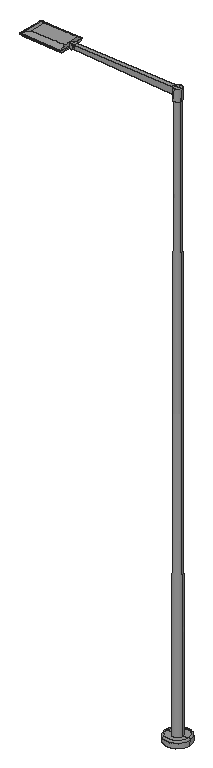
Revit family "77732_HOST_FACE", category Lighting Fixtures, host Face, Revit 2015
Parameters (values of type "Pole-top Luminaires with Assymetrical Light Distribution")
  Wattage = 62.7297 W
  built-in parameter 1150110 = 1 (stored number, unit not read)
  URL = "www.bega-us.com"
  built-in parameter 1114217 = 1 (stored number, unit not read)
  Tilt Angle = 90.00°
  built-in parameter 1150109 = 1 (stored number, unit not read)
  built-in parameter 1150134 = 12
  Telephone = "805.684.0533"
  built-in parameter 1150113 = 1 (stored number, unit not read)
  Photometric Web File = "77732.ies"
  Model = "77 732"
  Manufacturer = "BEGA-US"
  built-in parameter 1150105 = 741.5 (stored number, unit not read)
  Lumens = 9318 lm
  built-in parameter 1150115 = 1 (stored number, unit not read)
  built-in parameter 1150137 = (empty or 0)
  built-in parameter 1150139 = (empty or 0)
  built-in parameter 1150112 = 1 (stored number, unit not read)
  built-in parameter 1150114 = 1 (stored number, unit not read)
  Lamp = "101.2W LED"
  built-in parameter 1150132 = 2
  built-in parameter 1150102 = (empty or 0)
  built-in parameter 1150107 = 4000 (stored number, unit not read)
  built-in parameter 1150138 = (empty or 0)
  built-in parameter 1150106 = 7.415 (stored number, unit not read)
  built-in parameter 1150104 = 13.8 (stored number, unit not read)
  Dimming Lamp Color Temperature Shift = <None>
  Description = "LED area/roadway pole-top with outrigger arm"
  Default Elevation = 0' - 0"
  Color Filter = 16777215
  built-in parameter 1114218 = 1 (stored number, unit not read)
  built-in parameter 1150133 = 10 (stored number, unit not read)
Types (5): name | Wattage | built-in parameter 1150134 | Photometric Web File | Model | built-in parameter 1150105 | Lumens | Lamp | built-in parameter 1150107 | built-in parameter 1150106 | Description | Default Elevation
  (no name) | 62.7297 W | 12 | "77732.ies" | "77 732" | 741.5 (stored number, unit not read) | 9318 lm | "101.2W LED" | 4000 (stored number, unit not read) | 7.415 (stored number, unit not read) | "LED area/roadway pole-top with outrigger arm" | 0' - 0"
  Wall Luminaires - Directed Light | 18.4392 W | (empty or 0) | "generic" | "2260LED" | 217.96 (stored number, unit not read) | 2739 lm | "44.6W LED" | 3000 (stored number, unit not read) | 2.1796 (stored number, unit not read) | "Surface wall with cutoff optics" | 6' - 0"
  Wall Luminaires - Linear | 9.92985 W | 9 | "generic" | "4425P" | 117.38 (stored number, unit not read) | 1475 lm | "(1) 39W CF twin-4-p" | 3450 (stored number, unit not read) | 1.1738 (stored number, unit not read) | "Suface wall - linear with white acrylic diffuser" | 6' - 0"
  Ceiling and Wall Luminaires - Unshielded | 2.66591 W | (empty or 0) | "33508.ies" | "33 508" | 31.513 (stored number, unit not read) | 396 lm | "8.4W LED" | 3000 (stored number, unit not read) | 0.31513 (stored number, unit not read) | "LED ceiling and wall luminaires - impact resistant" | 6' - 0"
  Pole-top Luminaires with Assymetrical Light Distribution | 62.7297 W | 12 | "77732.ies" | "77 732" | 741.5 (stored number, unit not read) | 9318 lm | "101.2W LED" | 4000 (stored number, unit not read) | 7.415 (stored number, unit not read) | "LED area/roadway pole-top with outrigger arm" | 0' - 0"
Reference planes (in)
  plane 1 "Center (Front/Back)": y = 0
  plane 2: z = 0
  plane 3 "Center (Left/Right)": x = 0
Dimensions and locks (in)
  aligned and locked: plane 2 to host face
  aligned and locked: level to host face
Nested families (in)
  nested 1: "77728" at (0, 0, 0), type "77728"
Connectors (in)
  electrical at (0, 0, 0)
    settings: on host face, index 1, voltage 0 V, apparent load 0 VA, apparent load phase1 0 VA, apparent load phase2 0 VA, apparent load phase3 0 VA, power factor 1, load classification "Other", number of poles 1, system type 31, power factor state 1, is connector primary yes, connector utility no, sub classification motor no, connector description ""
Definition of nested family "77728"
  Reference planes (in)
    plane 1 "Center (Front/Back)": y = 0
    plane 2: z = 0
    plane 3 "Center (Left/Right)": x = 0
  Forms (in)
    Revolve 1, solid
      sketch origin (0, 0, 0) x (1, 0, 0) y (0, 0, 1)
        loop
          line (0, 0) -> (6.3125, 0) -> (6.3125, 2.25)
          arc (6.3125, 2.25) -> (6.09283, 2.78033) -> (5.5625, 3) r 0.75
          line (5.5625, 3) -> (2.5, 3) -> (0, 3) -> (0, 2.75) -> (2.5, 2.75) -> (5.5625, 2.75)
          arc (5.5625, 2.75) -> (5.91605, 2.60355) -> (6.0625, 2.25) r 0.5
          line (6.0625, 2.25) -> (6.0625, 1) -> (0, 1) -> (0, 0)
        axis (0, 3) -> (0, 0)
      angle from 0 to 360
    Blend 2, solid
      base sketch origin (0, 0, 0) x (1, 0, 0) y (0, 1, 0)
        loop
          circle (0, 0) r 2.5
      top sketch origin (0, 0, 0) x (1, 0, 0) y (0, 1, 0)
        loop
          circle (0, 0) r 1.5
      from 2.991 to 296
    Revolve 3, solid
      sketch origin (0, 0, 60) x (1, 0, 0) y (0, 0, 1)
        loop
          line (2, 232) -> (2, 237.375) -> (0, 237.4375) -> (0, 237.18738) -> (1.75, 237.13269) -> (1.75, 232) -> (2, 232)
        axis (0, 237.4375) -> (0, 232)
      angle from 0 to 360
    Extrusion 4, solid
      sketch origin (0, 0, 60) x (1, 0, 0) y (0, 0, 1)
        loop
          line (-52.625, 238.875) -> (-52.625, 237.0625) -> (-2, 234.0625) -> (-1.75, 234.0625) -> (-1.75, 237.25) -> (-2, 237.25) -> (-52.625, 238.875)
      from -1.125 to 1.125
  Dimensions and locks (in)
    aligned and locked: plane 2 to level
  Nested families (in)
    nested 1: "77758_head" at (-50.21573, 0, -3.45336), type "77758_head"
  Definition of nested family "77758_head"
    Reference planes (in)
      plane 1 "Center (Front/Back)": y = 0
      plane 2: z = 0
      plane 3 "Center (Left/Right)": x = 0
    Forms (in)
      Extrusion 1, solid
        sketch origin (-10.51664, 0, 0.12684) x (0.999391, 0, -0.034899) y (0.034899, 0, 0.999391)
          loop
            line (-2.75, 302.4375) -> (-4, 302.4375) -> (-4, 300.1875) -> (-2.75, 300.1875)
            arc (-2.75, 300.1875) -> (-1.625, 301.3125) -> (-2.75, 302.4375) r 1.125
        from -1.4375 to 1.4375
      Blend 2, solid
        base sketch origin (-10.51664, 0, 0.12684) x (0.999391, 0, -0.034899) y (0, 1, 0)
          loop
            line (-4, 0) -> (-4, 6.6875) -> (-24.5, 6.6875) -> (-24.5, -6.6875) -> (-4, -6.6875) -> (-4, 0)
        top sketch origin (-10.51664, 0, 0.12684) x (0.999391, 0, -0.034899) y (0, 1, 0)
          loop
            line (-4, 0) -> (-4, 4.125) -> (-20.5, 4.125) -> (-20.5, -4.125) -> (-4, -4.125) -> (-4, 0)
        from 301.375 to 303.125
      Extrusion 3, solid
        sketch origin (-10.51664, 0, 0.12684) x (0.999391, 0, -0.034899) y (0.034899, 0, 0.999391)
          loop
            line (-24.5, 301.375) -> (-24.5, 301.125) -> (-4, 301.125) -> (-4, 301.375) -> (-24.5, 301.375)
        from -6.6875 to 6.6875
      Extrusion 4, solid
        sketch origin (-10.51664, 0, 0.12684) x (0.999391, 0, -0.034899) y (0.034899, 0, 0.999391)
          loop
            line (-24.375, 301.125) -> (-24.375, 301) -> (-14.25, 301) -> (-4.125, 301) -> (-4.125, 301.125) -> (-14.25, 301.125) -> (-24.375, 301.125)
        from -6.5625 to 6.5625
      Blend 5, solid
        base sketch origin (-10.51664, 0, 0.12684) x (0.999391, 0, -0.034899) y (0, 1, 0)
          loop
            line (-23, 5.5) -> (-23, -5.5) -> (-4, -5.5) -> (-4, 5.5) -> (-23, 5.5)
        top sketch origin (-10.51664, 0, 0.12684) x (0.999391, 0, -0.034899) y (0, 1, 0)
          loop
            line (-4, 0) -> (-4, 6.6875) -> (-24.5, 6.6875) -> (-24.5, -6.6875) -> (-4, -6.6875) -> (-4, 0)
        from 300 to 301
      Blend 6, void
        base sketch origin (-10.51664, 0, 0.12684) x (0.999391, 0, -0.034899) y (0, 1, 0)
          loop
            line (-24.25, 6.5625) -> (-24.25, -6.5625) -> (-4.125, -6.5625) -> (-4.125, 6.5625) -> (-24.25, 6.5625)
        top sketch origin (-10.51664, 0, 0.12684) x (0.999391, 0, -0.034899) y (0, 1, 0)
          loop
            line (-23, 5.5) -> (-23, -5.5) -> (-4.125, -5.5) -> (-4.125, 5.5) -> (-23, 5.5)
        from 301 to 300.125
      Blend 7, void
        base sketch origin (-10.51664, 0, 0.12684) x (0.999391, 0, -0.034899) y (0, 1, 0)
          loop
            line (-24.25, 6.5625) -> (-24.25, -6.5625) -> (-4.125, -6.5625) -> (-4.125, 6.5625) -> (-24.25, 6.5625)
        top sketch origin (-10.51664, 0, 0.12684) x (0.999391, 0, -0.034899) y (0, 1, 0)
          loop
            line (-20.5, 4.125) -> (-20.5, -4.125) -> (-4.125, -4.125) -> (-4.125, 4.125) -> (-20.5, 4.125)
        from 301.375 to 303
      Extrusion 8, void
        sketch origin (-10.51664, 0, 0.12684) x (0.999391, 0, -0.034899) y (0.034899, 0, 0.999391)
          loop
            line (-24.25, 301.375) -> (-24.25, 301.125) -> (-4.125, 301.125) -> (-4.125, 301.375) -> (-24.25, 301.375)
        from -6.5625 to 6.5625
      Extrusion 9, void
        sketch origin (-10.51664, 0, 0.12684) x (0.999391, 0, -0.034899) y (0.034899, 0, 0.999391)
          loop
            line (-20.75, 300) -> (-10, 300) -> (-10, 300.125) -> (-20.75, 300.125) -> (-20.75, 300)
        from -4.75 to 4.75
      Extrusion 10, solid
        sketch origin (-10.51664, 0, 0.12684) x (0.999391, 0, -0.034899) y (0.034899, 0, 0.999391)
          loop
            line (-20.75, 300.125) -> (-10, 300.125) -> (-10, 300.375) -> (-20.75, 300.375) -> (-20.75, 300.125)
        from -4.75 to 4.75
      Extrusion 11, void
        sketch origin (-10.51664, 0, 0.12684) x (0.999391, 0, -0.034899) y (0.034899, 0, 0.999391)
          loop
            line (-24.25, 301.125) -> (-24.25, 301) -> (-4.125, 301) -> (-4.125, 301.125) -> (-24.25, 301.125)
        from -6.4375 to 6.4375
    Cuts and joins
      Extrusion 8, Extrusion 11 cuts Extrusion 4
      Blend 6, Extrusion 9 cuts Blend 5
      joined: Extrusion 4, Blend 5
      Blend 7 cuts Blend 2
      Extrusion 8 cuts Extrusion 3
      joined: Extrusion 1, Blend 2, Extrusion 3
    Dimensions and locks (in)
      aligned and locked: plane 2 to level
